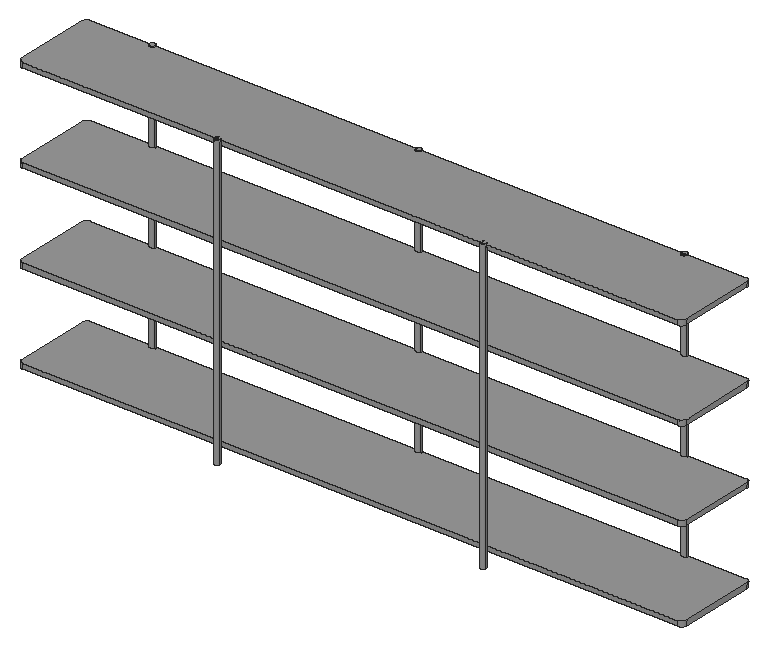
Revit family "Aero110-LivingDivani", category Furniture, Revit 2014
Parameters (values of type "250x110")
  URL = "http://www.livingdivani.it"
  Model = "Aero"
  Mat. Struttura = Zinc
  Manufacturer = "LivingDivani"
  Codice prodotto = "AERL110"
Reference planes (cm)
  plane 1 "Centro (Fronte/Retro)": y = 0
  plane 2: z = 0
  plane 3 "Centro (Sinistra/Destra)": x = 0
Forms (cm)
  Extrusion 1, solid, material "Zinc" <- "Mat. Struttura"
    sketch origin (0, 0, 6) x (1, 0, 0) y (0, 1, 0)
      loop
        arc (-123.2, 16) -> (-124.4728, 15.4728) -> (-125, 14.2) r 1.8
        line (-125, 14.2) -> (-125, -14.2)
        arc (-125, -14.2) -> (-124.4728, -15.4728) -> (-123.2, -16) r 1.8
        line (-123.2, -16) -> (-51.1089, -16) -> (123.2, -16)
        arc (123.2, -16) -> (124.4728, -15.4728) -> (125, -14.2) r 1.8
        line (125, -14.2) -> (125, 14.2)
        arc (125, 14.2) -> (124.4728, 15.4728) -> (123.2, 16) r 1.8
        line (123.2, 16) -> (-101.1089, 16) -> (-123.2, 16)
    from 0 to 1.8
  Extrusion 2, solid, material "Zinc" <- "Mat. Struttura"
    sketch origin (0, 0, 39.8) x (1, 0, 0) y (0, 1, 0)
      loop
        arc (-123.2, 16) -> (-124.4728, 15.4728) -> (-125, 14.2) r 1.8
        line (-125, 14.2) -> (-125, -14.2)
        arc (-125, -14.2) -> (-124.4728, -15.4728) -> (-123.2, -16) r 1.8
        line (-123.2, -16) -> (-51.1089, -16) -> (123.2, -16)
        arc (123.2, -16) -> (124.4728, -15.4728) -> (125, -14.2) r 1.8
        line (125, -14.2) -> (125, 14.2)
        arc (125, 14.2) -> (124.4728, 15.4728) -> (123.2, 16) r 1.8
        line (123.2, 16) -> (-101.1089, 16) -> (-123.2, 16)
    from 0 to 1.8
  Extrusion 3, solid, material "Zinc" <- "Mat. Struttura"
    sketch origin (0, 0, 73.6) x (1, 0, 0) y (0, 1, 0)
      loop
        arc (-123.2, 16) -> (-124.4728, 15.4728) -> (-125, 14.2) r 1.8
        line (-125, 14.2) -> (-125, -14.2)
        arc (-125, -14.2) -> (-124.4728, -15.4728) -> (-123.2, -16) r 1.8
        line (-123.2, -16) -> (-51.1089, -16) -> (123.2, -16)
        arc (123.2, -16) -> (124.4728, -15.4728) -> (125, -14.2) r 1.8
        line (125, -14.2) -> (125, 14.2)
        arc (125, 14.2) -> (124.4728, 15.4728) -> (123.2, 16) r 1.8
        line (123.2, 16) -> (-101.1089, 16) -> (-123.2, 16)
    from 0 to 1.8
  Extrusion 4, solid, material "Zinc" <- "Mat. Struttura"
    sketch origin (0, 0, 107.4) x (1, 0, 0) y (0, 1, 0)
      loop
        arc (-123.2, 16) -> (-124.4728, 15.4728) -> (-125, 14.2) r 1.8
        line (-125, 14.2) -> (-125, -14.2)
        arc (-125, -14.2) -> (-124.4728, -15.4728) -> (-123.2, -16) r 1.8
        line (-123.2, -16) -> (-51.1089, -16) -> (123.2, -16)
        arc (123.2, -16) -> (124.4728, -15.4728) -> (125, -14.2) r 1.8
        line (125, -14.2) -> (125, 14.2)
        arc (125, 14.2) -> (124.4728, 15.4728) -> (123.2, 16) r 1.8
        line (123.2, 16) -> (-101.1089, 16) -> (-123.2, 16)
    from 0 to 1.8
  Extrusion 5, solid, material "Zinc" <- "Mat. Struttura"
    sketch origin (0, 0, 0) x (1, 0, 0) y (0, 1, 0)
      loop
        circle (-100, 16) r 1.1
    from 0 to 109.2
  Extrusion 6, solid, material "Zinc" <- "Mat. Struttura"
    sketch origin (100, 0, 0) x (1, 0, 0) y (0, 1, 0)
      loop
        circle (-100, 16) r 1.1
    from 0 to 109.2
  Extrusion 7, solid, material "Zinc" <- "Mat. Struttura"
    sketch origin (0, 0, 0) x (-1, 0, 0) y (0, -1, 0)
      loop
        circle (-100, -16) r 1.1
    from 0 to 109.2
  Extrusion 8, solid, material "Zinc" <- "Mat. Struttura"
    sketch origin (0, 0, 0) x (1, 0, 0) y (0, 1, 0)
      loop
        circle (-50, -16) r 1.1
    from 0 to 109.2
  Extrusion 9, solid, material "Zinc" <- "Mat. Struttura"
    sketch origin (0, 0, 0) x (-1, 0, 0) y (0, -1, 0)
      loop
        circle (-50, 16) r 1.1
    from 0 to 109.2
Dimensions and locks (cm)
  aligned and locked: level to plane 2
